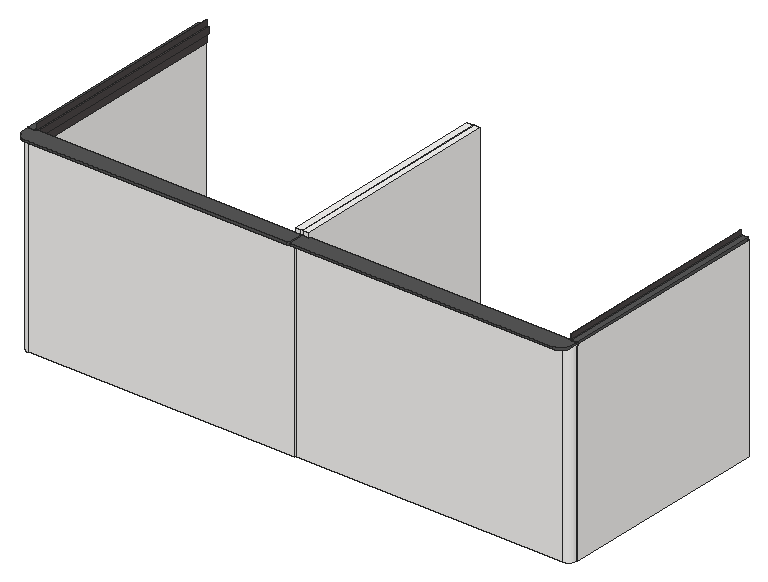
Revit family "vanity unit with 2 drawers for consoles with countertop basin ground", category Furniture, Revit 2019 (continued)
Definition of nested family "vanity unit 1560_550 with 2 drawers for consoles with countertop basin ground-54072000-natural oak-chrome-400_content"
  Forms (mm)
    Extrusion 4, solid, visible <- "ContentVisible", detail levels medium+fine
      sketch origin (0, 0, 0) x (1, 0, 0) y (0, 1, 0)
        loop
          line (0, 0) -> (0, -527)
          arc (0, -527) -> (0.879, -529.121) -> (3, -530) r 3
          line (3, -530) -> (16, -530) -> (16, 0) -> (0, 0)
      from 0 to 496
    Extrusion 5, solid, visible <- "ContentVisible", detail levels medium+fine
      sketch origin (0, 0, 0) x (1, 0, 0) y (0, 1, 0)
        loop
          line (16, -499.5) -> (764, -499.5) -> (764, -133) -> (16, -133) -> (16, -499.5)
      from 0 to 16
    Extrusion 6, solid, visible <- "ContentVisible", detail levels medium+fine
      sketch origin (0, 0, 0) x (1, 0, 0) y (0, 1, 0)
        loop
          line (764, 0) -> (764, -530) -> (777, -530)
          arc (777, -530) -> (779.121, -529.121) -> (780, -527) r 3
          line (780, -527) -> (780, 0) -> (764, 0)
      from 0 to 480
    Extrusion 7, solid, visible <- "ContentVisible", detail levels medium+fine
      sketch origin (0, 0, 0) x (1, 0, 0) y (0, 1, 0)
        loop
          line (-764, -117) -> (-764, -133) -> (764, -133) -> (764, -117) -> (-764, -117)
      from 0 to 126
    Extrusion 8, solid, visible <- "ContentVisible", detail levels medium+fine
      sketch origin (0, 0, 2) x (1, 0, 0) y (0, 1, 0)
        loop
          arc (-780, -532) -> (-774.435, -545.435) -> (-761, -551) r 19
          line (-761, -551) -> (-2.5, -551)
          arc (-2.5, -551) -> (-1.793, -550.707) -> (-1.5, -550) r 1
          line (-1.5, -550) -> (-1.5, -530) -> (-780, -530) -> (-780, -532)
      from 0 to 478
    Extrusion 9, solid, visible <- "ContentVisible", detail levels medium+fine
      sketch origin (0, 0, 2) x (1, 0, 0) y (0, 1, 0)
        loop
          arc (1.5, -550) -> (1.793, -550.707) -> (2.5, -551) r 1
          line (2.5, -551) -> (761, -551)
          arc (761, -551) -> (774.435, -545.435) -> (780, -532) r 19
          line (780, -532) -> (780, -530) -> (1.5, -530) -> (1.5, -550)
      from 0 to 478
    Extrusion 10, solid, visible <- "ContentVisible", detail levels medium+fine
      sketch origin (0, 0, 480) x (1, 0, 0) y (0, 1, 0)
        loop
          line (-778.5, -530) -> (-778.5, -546)
          arc (-778.5, -546) -> (-771.178, -563.678) -> (-753.5, -571) r 25
          line (-753.5, -571) -> (-4.5, -571)
          arc (-4.5, -571) -> (-2.379, -570.121) -> (-1.5, -568) r 3
          line (-1.5, -568) -> (-1.5, -528.5) -> (-758.5, -528.5) -> (-758.5, -530) -> (-778.5, -530)
      from 0 to 5
    Extrusion 11, solid, visible <- "ContentVisible", detail levels medium+fine
      sketch origin (0, 0, 480) x (1, 0, 0) y (0, 1, 0)
        loop
          arc (1.5, -568) -> (2.379, -570.121) -> (4.5, -571) r 3
          line (4.5, -571) -> (753.5, -571)
          arc (753.5, -571) -> (771.178, -563.678) -> (778.5, -546) r 25
          line (778.5, -546) -> (778.5, -530) -> (758.5, -530) -> (758.5, -528.5) -> (1.5, -528.5) -> (1.5, -568)
      from 0 to 5
    Extrusion 12, solid, visible <- "ContentVisible", detail levels medium+fine
      sketch origin (-1.5, 0, 0) x (0, 0, -1) y (0, 1, 0)
        loop
          line (-480, -528.5) -> (-480, -530) -> (-450, -530) -> (-450, -528.5) -> (-480, -528.5)
      from -764 to 0
    Extrusion 13, solid, visible <- "ContentVisible", detail levels medium+fine
      sketch origin (1.5, 0, 0) x (0, 0, -1) y (0, 1, 0)
        loop
          line (-480, -528.5) -> (-480, -530) -> (-450, -530) -> (-450, -528.5) -> (-480, -528.5)
      from 0 to 764
    Extrusion 14, solid, visible <- "ContentVisible", detail levels medium+fine
      sketch origin (0, 0, 0) x (1, 0, 0) y (0, 0, -1)
        loop
          line (-764, -447) -> (-764, -485) -> (-762.5, -485) -> (-762.5, -447) -> (-764, -447)
      from -528.5 to 0
    Extrusion 15, solid, visible <- "ContentVisible", detail levels medium+fine
      sketch origin (0, 0, 0) x (1, 0, 0) y (0, 0, -1)
        loop
          line (762.5, -446.8) -> (762.5, -485) -> (764, -485) -> (764, -446.8) -> (762.5, -446.8)
      from -528.5 to 0
    Extrusion 16, solid, visible <- "ContentVisible", detail levels medium+fine
      sketch origin (0, 0, 480) x (1, 0, 0) y (0, 1, 0)
        loop
          line (-780, -3) -> (-780, -527)
          arc (-780, -527) -> (-779.121, -529.121) -> (-777, -530) r 3
          line (-777, -530) -> (-764, -530) -> (-764, 0) -> (-777, 0)
          arc (-777, 0) -> (-779.121, -0.879) -> (-780, -3) r 3
      from 0 to 5
    Extrusion 17, solid, visible <- "ContentVisible", detail levels medium+fine
      sketch origin (0, 0, 480) x (1, 0, 0) y (0, 1, 0)
        loop
          line (764, 0) -> (764, -530) -> (777, -530)
          arc (777, -530) -> (779.121, -529.121) -> (780, -527) r 3
          line (780, -527) -> (780, -3)
          arc (780, -3) -> (779.121, -0.879) -> (777, 0) r 3
          line (777, 0) -> (764, 0)
      from 0 to 5
    Extrusion 18, solid, visible <- "ContentVisible", detail levels medium+fine
      sketch origin (0, 0, 0) x (1, 0, 0) y (0, 0, -1)
        loop
          line (-762.5, -447) -> (-762.5, -496) -> (-761, -496) -> (-761, -483) -> (-756.4, -483) -> (-756.4, -468.5) -> (-761, -468.5) -> (-761, -447) -> (-762.5, -447)
      from -525 to 0
    Extrusion 19, solid, visible <- "ContentVisible", detail levels medium+fine
      sketch origin (0, 0, 0) x (1, 0, 0) y (0, 0, -1)
        loop
          line (756.4, -468.5) -> (756.4, -483) -> (761, -483) -> (761, -496) -> (762.5, -496) -> (762.5, -447) -> (761, -447) -> (761, -468.5) -> (756.4, -468.5)
      from -525 to 0
    Extrusion 20, solid, visible <- "ContentVisible", detail levels medium+fine
      sketch origin (0, 0, 0) x (0, 0, -1) y (0, 1, 0)
        loop
          line (-440, -477) -> (-440, -493) -> (-366, -493) -> (-366, -477) -> (-440, -477)
      from -764 to 764
    Extrusion 21, solid, visible <- "ContentVisible", detail levels coarse
      sketch origin (0, -285.5, 0) x (1, 0, 0) y (0, 1, 0)
        loop
          line (-780, -285.5) -> (780, -285.5) -> (780, 285.5) -> (-780, 285.5) -> (-780, -285.5)
      from 0 to 496
  Dimensions and locks
    aligned and locked: level to plane 2
Definition of nested family "vanity unit 1560_550 with 2 drawers for consoles with countertop basin ground-54072670-natural oak-matt_black-200_conten"
  Parameters (values of type "Vanity unit 1560_550 with 2 drawers for consoles with countertop basin ground-54072670-Natural Oak-MATT_BLACK-200_Conten")
    etim7_EC011381 = "EC011381"
    WEIGHT = "49.1"
    UNSPSC = "56 | Furniture and Furnishings"
    UNIFORMATII = "E2010 | Fixed Furnishings"
    UNICLASS_2015_CODE = "40_30_78_05"
    UNICLASS2015 = "Pr_40_30_78_05 | Bathroom furniture"
    SURFACE = "MATT_BLACK"
    REGIONSET = "Worldwide"
    PRODUCTURL = "https://pro.hansgrohe.com/articledetail--54072000"
    PRODUCTGROUP = "vanity unit"
    PRODUCTFAMILY = "Xelu Q"
    PERMALINK = "54072XXX"
    OMNICLASS = "23-21 19 15 33 13 | Residential Bathroom Specialty Casework"
    OBJECTTYPE = "Object (single object)"
    OBERFLAECHE = "Natural Oak"
    NN = "Vanity Unit with 2 Drawers for consoles with countertop basin ground"
    NBSYN = "$BASENUMBER.-$ARTNR.-$OBERFLAECHE.-$SURFACE.-$LODLEVEL."
    NB = "Vanity unit 1560/550 with 2 drawers for consoles with countertop basin ground-54072670-Natural Oak-MATT_BLACK-200"
    NAME = "Xelu Q Vanity unit Natural Oak 1560/550 with 2 drawers for consoles with countertop basin ground"
    Model = "Vanity unit 1560/550 with 2 drawers for consoles with countertop basin ground-54072670-Natural Oak-MATT_BLACK-200"
    Manufacturer = "Hansgrohe"
    MASTERFORMAT = "12 35 30.23 | Bathroom Casework"
    LODLEVEL = "200"
    LINA = "Vanity unit 1560/550 with 2 drawers for consoles with countertop basin ground-54072670-Natural Oak-MATT_BLACK-200"
    L = 1560
    IFC = "Furnishing element"
    GTINCODE = "4059625456590"
    ETIM = "EC011381 | Bathroom furniture set"
    Default Elevation = 1219.2 mm
    DESIGN = "Germany"
    ContentVisible [instance] = yes
    CATALOG = "Hansgrohe"
    BIMOBJECT = "Sanitary: Compound units"
    BASENUMBER = "Vanity unit 1560/550 with 2 drawers for consoles with countertop basin ground"
    ARTNR = "54072670"
  Reference planes
    plane 1 "Center (Front/Back)": y = 0
    plane 2: z = 0
    plane 3 "Center (Left/Right)": x = 0
  Forms (mm)
    Extrusion 1, solid, visible <- "ContentVisible", detail levels medium+fine
      sketch origin (0, 0, 0) x (1, 0, 0) y (0, 1, 0)
        loop
          line (-780, 0) -> (-780, -551) -> (780, -551) -> (780, 0) -> (764, 0) -> (764, -117) -> (-764, -117) -> (-764, 0) -> (-780, 0)
      from 0 to 480
    Extrusion 2, solid, visible <- "ContentVisible", detail levels medium+fine
      sketch origin (0, 0, 480) x (1, 0, 0) y (0, 1, 0)
        loop
          line (-778.5, -528.5) -> (-778.5, -571) -> (778.5, -571) -> (778.5, -528.5) -> (-778.5, -528.5)
      from 0 to 5
    Extrusion 3, solid, visible <- "ContentVisible", detail levels medium+fine
      sketch origin (0, 0, 0) x (1, 0, 0) y (0, 0, -1)
        loop
          line (-764, -447) -> (-764, -485) -> (-762.5, -485) -> (-762.5, -447) -> (-764, -447)
      from -528.5 to 0
    Extrusion 4, solid, visible <- "ContentVisible", detail levels medium+fine
      sketch origin (0, 0, 0) x (1, 0, 0) y (0, 0, -1)
        loop
          line (762.5, -446.8) -> (762.5, -485) -> (764, -485) -> (764, -446.8) -> (762.5, -446.8)
      from -528.5 to 0
    Extrusion 5, solid, visible <- "ContentVisible", detail levels medium+fine
      sketch origin (0, 0, 480) x (1, 0, 0) y (0, 1, 0)
        loop
          line (-780, 0) -> (-780, -530) -> (-764, -530) -> (-764, 0) -> (-780, 0)
      from 0 to 5
    Extrusion 6, solid, visible <- "ContentVisible", detail levels medium+fine
      sketch origin (0, 0, 480) x (1, 0, 0) y (0, 1, 0)
        loop
          line (764, 0) -> (764, -530) -> (780, -530) -> (780, 0) -> (764, 0)
      from 0 to 5
    Extrusion 7, solid, visible <- "ContentVisible", detail levels medium+fine
      sketch origin (0, 0, 0) x (1, 0, 0) y (0, 0, -1)
        loop
          line (-762.5, -447) -> (-762.5, -496) -> (-756.4, -496) -> (-756.4, -447) -> (-762.5, -447)
      from -528.5 to 0
    Extrusion 8, solid, visible <- "ContentVisible", detail levels medium+fine
      sketch origin (0, 0, 0) x (1, 0, 0) y (0, 0, -1)
        loop
          line (756.4, -447) -> (756.4, -496) -> (762.5, -496) -> (762.5, -447) -> (756.4, -447)
      from -528.5 to 0
    Extrusion 9, solid, visible <- "ContentVisible", detail levels coarse
      sketch origin (0, -285.5, 0) x (1, 0, 0) y (0, 1, 0)
        loop
          line (-780, -285.5) -> (780, -285.5) -> (780, 285.5) -> (-780, 285.5) -> (-780, -285.5)
      from 0 to 496
  Dimensions and locks
    aligned and locked: level to plane 2
Definition of nested family "vanity unit 1560_550 with 2 drawers for consoles with countertop basin ground-54072670-natural oak-matt_black-400_conten"
  Parameters (values of type "Vanity unit 1560_550 with 2 drawers for consoles with countertop basin ground-54072670-Natural Oak-MATT_BLACK-400_Conten")
    etim7_EC011381 = "EC011381"
    WEIGHT = "49.1"
    UNSPSC = "56 | Furniture and Furnishings"
    UNIFORMATII = "E2010 | Fixed Furnishings"
    UNICLASS_2015_CODE = "40_30_78_05"
    UNICLASS2015 = "Pr_40_30_78_05 | Bathroom furniture"
    SURFACE = "MATT_BLACK"
    REGIONSET = "Worldwide"
    PRODUCTURL = "https://pro.hansgrohe.com/articledetail--54072000"
    PRODUCTGROUP = "vanity unit"
    PRODUCTFAMILY = "Xelu Q"
    PERMALINK = "54072XXX"
    OMNICLASS = "23-21 19 15 33 13 | Residential Bathroom Specialty Casework"
    OBJECTTYPE = "Object (single object)"
    OBERFLAECHE = "Natural Oak"
    NN = "Vanity Unit with 2 Drawers for consoles with countertop basin ground"
    NBSYN = "$BASENUMBER.-$ARTNR.-$OBERFLAECHE.-$SURFACE.-$LODLEVEL."
    NB = "Vanity unit 1560/550 with 2 drawers for consoles with countertop basin ground-54072670-Natural Oak-MATT_BLACK-400"
    NAME = "Xelu Q Vanity unit Natural Oak 1560/550 with 2 drawers for consoles with countertop basin ground"
    Model = "Vanity unit 1560/550 with 2 drawers for consoles with countertop basin ground-54072670-Natural Oak-MATT_BLACK-400"
    Manufacturer = "Hansgrohe"
    MASTERFORMAT = "12 35 30.23 | Bathroom Casework"
    LODLEVEL = "400"
    LINA = "Vanity unit 1560/550 with 2 drawers for consoles with countertop basin ground-54072670-Natural Oak-MATT_BLACK-400"
    L = 1560
    IFC = "Furnishing element"
    GTINCODE = "4059625456590"
    ETIM = "EC011381 | Bathroom furniture set"
    Default Elevation = 1219.2 mm
    DESIGN = "Germany"
    ContentVisible [instance] = yes
    CATALOG = "Hansgrohe"
    BIMOBJECT = "Sanitary: Compound units"
    BASENUMBER = "Vanity unit 1560/550 with 2 drawers for consoles with countertop basin ground"
    ARTNR = "54072670"
  Reference planes
    plane 1 "Center (Front/Back)": y = 0
    plane 2: z = 0
    plane 3 "Center (Left/Right)": x = 0
  Forms (mm)
    Extrusion 1, solid, visible <- "ContentVisible", detail levels medium+fine
      sketch origin (0, 0, 0) x (1, 0, 0) y (0, 1, 0)
        loop
          line (-780, 0) -> (-780, -527)
          arc (-780, -527) -> (-779.121, -529.121) -> (-777, -530) r 3
          line (-777, -530) -> (-764, -530) -> (-764, 0) -> (-780, 0)
      from 0 to 480
    Extrusion 2, solid, visible <- "ContentVisible", detail levels medium+fine
      sketch origin (0, 0, 0) x (1, 0, 0) y (0, 1, 0)
        loop
          line (-764, -133) -> (-764, -499.5) -> (-16, -499.5) -> (-16, -133) -> (-764, -133)
      from 0 to 16
    Extrusion 3, solid, visible <- "ContentVisible", detail levels medium+fine
      sketch origin (0, 0, 0) x (1, 0, 0) y (0, 1, 0)
        loop
          line (-16, 0) -> (-16, -530) -> (-3, -530)
          arc (-3, -530) -> (-0.879, -529.121) -> (0, -527) r 3
          line (0, -527) -> (0, 0) -> (-16, 0)
      from 0 to 496
    Extrusion 4, solid, visible <- "ContentVisible", detail levels medium+fine
      sketch origin (0, 0, 0) x (1, 0, 0) y (0, 1, 0)
        loop
          line (0, 0) -> (0, -527)
          arc (0, -527) -> (0.879, -529.121) -> (3, -530) r 3
          line (3, -530) -> (16, -530) -> (16, 0) -> (0, 0)
      from 0 to 496
    Extrusion 5, solid, visible <- "ContentVisible", detail levels medium+fine
      sketch origin (0, 0, 0) x (1, 0, 0) y (0, 1, 0)
        loop
          line (16, -499.5) -> (764, -499.5) -> (764, -133) -> (16, -133) -> (16, -499.5)
      from 0 to 16
    Extrusion 6, solid, visible <- "ContentVisible", detail levels medium+fine
      sketch origin (0, 0, 0) x (1, 0, 0) y (0, 1, 0)
        loop
          line (764, 0) -> (764, -530) -> (777, -530)
          arc (777, -530) -> (779.121, -529.121) -> (780, -527) r 3
          line (780, -527) -> (780, 0) -> (764, 0)
      from 0 to 480
    Extrusion 7, solid, visible <- "ContentVisible", detail levels medium+fine
      sketch origin (0, 0, 0) x (1, 0, 0) y (0, 1, 0)
        loop
          line (-764, -117) -> (-764, -133) -> (764, -133) -> (764, -117) -> (-764, -117)
      from 0 to 126
    Extrusion 8, solid, visible <- "ContentVisible", detail levels medium+fine
      sketch origin (0, 0, 2) x (1, 0, 0) y (0, 1, 0)
        loop
          arc (-780, -532) -> (-774.435, -545.435) -> (-761, -551) r 19
          line (-761, -551) -> (-2.5, -551)
          arc (-2.5, -551) -> (-1.793, -550.707) -> (-1.5, -550) r 1
          line (-1.5, -550) -> (-1.5, -530) -> (-780, -530) -> (-780, -532)
      from 0 to 478
    Extrusion 9, solid, visible <- "ContentVisible", detail levels medium+fine
      sketch origin (0, 0, 2) x (1, 0, 0) y (0, 1, 0)
        loop
          arc (1.5, -550) -> (1.793, -550.707) -> (2.5, -551) r 1
          line (2.5, -551) -> (761, -551)
          arc (761, -551) -> (774.435, -545.435) -> (780, -532) r 19
          line (780, -532) -> (780, -530) -> (1.5, -530) -> (1.5, -550)
      from 0 to 478
    Extrusion 10, solid, visible <- "ContentVisible", detail levels medium+fine
      sketch origin (0, 0, 480) x (1, 0, 0) y (0, 1, 0)
        loop
          line (-778.5, -530) -> (-778.5, -546)
          arc (-778.5, -546) -> (-771.178, -563.678) -> (-753.5, -571) r 25
          line (-753.5, -571) -> (-4.5, -571)
          arc (-4.5, -571) -> (-2.379, -570.121) -> (-1.5, -568) r 3
          line (-1.5, -568) -> (-1.5, -528.5) -> (-758.5, -528.5) -> (-758.5, -530) -> (-778.5, -530)
      from 0 to 5
    Extrusion 11, solid, visible <- "ContentVisible", detail levels medium+fine
      sketch origin (0, 0, 480) x (1, 0, 0) y (0, 1, 0)
        loop
          arc (1.5, -568) -> (2.379, -570.121) -> (4.5, -571) r 3
          line (4.5, -571) -> (753.5, -571)
          arc (753.5, -571) -> (771.178, -563.678) -> (778.5, -546) r 25
          line (778.5, -546) -> (778.5, -530) -> (758.5, -530) -> (758.5, -528.5) -> (1.5, -528.5) -> (1.5, -568)
      from 0 to 5
    Extrusion 12, solid, visible <- "ContentVisible", detail levels medium+fine
      sketch origin (-1.5, 0, 0) x (0, 0, -1) y (0, 1, 0)
        loop
          line (-480, -528.5) -> (-480, -530) -> (-450, -530) -> (-450, -528.5) -> (-480, -528.5)
      from -764 to 0
    Extrusion 13, solid, visible <- "ContentVisible", detail levels medium+fine
      sketch origin (1.5, 0, 0) x (0, 0, -1) y (0, 1, 0)
        loop
          line (-480, -528.5) -> (-480, -530) -> (-450, -530) -> (-450, -528.5) -> (-480, -528.5)
      from 0 to 764
    Extrusion 14, solid, visible <- "ContentVisible", detail levels medium+fine
      sketch origin (0, 0, 0) x (1, 0, 0) y (0, 0, -1)
        loop
          line (-764, -447) -> (-764, -485) -> (-762.5, -485) -> (-762.5, -447) -> (-764, -447)
      from -528.5 to 0
    Extrusion 15, solid, visible <- "ContentVisible", detail levels medium+fine
      sketch origin (0, 0, 0) x (1, 0, 0) y (0, 0, -1)
        loop
          line (762.5, -446.8) -> (762.5, -485) -> (764, -485) -> (764, -446.8) -> (762.5, -446.8)
      from -528.5 to 0
    Extrusion 16, solid, visible <- "ContentVisible", detail levels medium+fine
      sketch origin (0, 0, 480) x (1, 0, 0) y (0, 1, 0)
        loop
          line (-780, -3) -> (-780, -527)
          arc (-780, -527) -> (-779.121, -529.121) -> (-777, -530) r 3
          line (-777, -530) -> (-764, -530) -> (-764, 0) -> (-777, 0)
          arc (-777, 0) -> (-779.121, -0.879) -> (-780, -3) r 3
      from 0 to 5
    Extrusion 17, solid, visible <- "ContentVisible", detail levels medium+fine
      sketch origin (0, 0, 480) x (1, 0, 0) y (0, 1, 0)
        loop
          line (764, 0) -> (764, -530) -> (777, -530)
          arc (777, -530) -> (779.121, -529.121) -> (780, -527) r 3
          line (780, -527) -> (780, -3)
          arc (780, -3) -> (779.121, -0.879) -> (777, 0) r 3
          line (777, 0) -> (764, 0)
      from 0 to 5
    Extrusion 18, solid, visible <- "ContentVisible", detail levels medium+fine
      sketch origin (0, 0, 0) x (1, 0, 0) y (0, 0, -1)
        loop
          line (-762.5, -447) -> (-762.5, -496) -> (-761, -496) -> (-761, -483) -> (-756.4, -483) -> (-756.4, -468.5) -> (-761, -468.5) -> (-761, -447) -> (-762.5, -447)
      from -525 to 0
    Extrusion 19, solid, visible <- "ContentVisible", detail levels medium+fine
      sketch origin (0, 0, 0) x (1, 0, 0) y (0, 0, -1)
        loop
          line (756.4, -468.5) -> (756.4, -483) -> (761, -483) -> (761, -496) -> (762.5, -496) -> (762.5, -447) -> (761, -447) -> (761, -468.5) -> (756.4, -468.5)
      from -525 to 0
    Extrusion 20, solid, visible <- "ContentVisible", detail levels medium+fine
      sketch origin (0, 0, 0) x (0, 0, -1) y (0, 1, 0)
        loop
          line (-440, -477) -> (-440, -493) -> (-366, -493) -> (-366, -477) -> (-440, -477)
      from -764 to 764
    Extrusion 21, solid, visible <- "ContentVisible", detail levels coarse
      sketch origin (0, -285.5, 0) x (1, 0, 0) y (0, 1, 0)
        loop
          line (-780, -285.5) -> (780, -285.5) -> (780, 285.5) -> (-780, 285.5) -> (-780, -285.5)
      from 0 to 496
  Dimensions and locks
    aligned and locked: level to plane 2
Definition of nested family "vanity unit 1560_550 with 2 drawers for consoles with countertop basin ground-54072700-natural oak-matt_white-200_conten"
  Parameters (values of type "Vanity unit 1560_550 with 2 drawers for consoles with countertop basin ground-54072700-Natural Oak-MATT_WHITE-200_Conten")
    etim7_EC011381 = "EC011381"
    WEIGHT = "49.1"
    UNSPSC = "56 | Furniture and Furnishings"
    UNIFORMATII = "E2010 | Fixed Furnishings"
    UNICLASS_2015_CODE = "40_30_78_05"
    UNICLASS2015 = "Pr_40_30_78_05 | Bathroom furniture"
    SURFACE = "MATT_WHITE"
    REGIONSET = "Worldwide"
    PRODUCTURL = "https://pro.hansgrohe.com/articledetail--54072000"
    PRODUCTGROUP = "vanity unit"
    PRODUCTFAMILY = "Xelu Q"
    PERMALINK = "54072XXX"
    OMNICLASS = "23-21 19 15 33 13 | Residential Bathroom Specialty Casework"
    OBJECTTYPE = "Object (single object)"
    OBERFLAECHE = "Natural Oak"
    NN = "Vanity Unit with 2 Drawers for consoles with countertop basin ground"
    NBSYN = "$BASENUMBER.-$ARTNR.-$OBERFLAECHE.-$SURFACE.-$LODLEVEL."
    NB = "Vanity unit 1560/550 with 2 drawers for consoles with countertop basin ground-54072700-Natural Oak-MATT_WHITE-200"
    NAME = "Xelu Q Vanity unit Natural Oak 1560/550 with 2 drawers for consoles with countertop basin ground"
    Model = "Vanity unit 1560/550 with 2 drawers for consoles with countertop basin ground-54072700-Natural Oak-MATT_WHITE-200"
    Manufacturer = "Hansgrohe"
    MASTERFORMAT = "12 35 30.23 | Bathroom Casework"
    LODLEVEL = "200"
    LINA = "Vanity unit 1560/550 with 2 drawers for consoles with countertop basin ground-54072700-Natural Oak-MATT_WHITE-200"
    L = 1560
    IFC = "Furnishing element"
    GTINCODE = "4059625456590"
    ETIM = "EC011381 | Bathroom furniture set"
    Default Elevation = 1219.2 mm
    DESIGN = "Germany"
    ContentVisible [instance] = yes
    CATALOG = "Hansgrohe"
    BIMOBJECT = "Sanitary: Compound units"
    BASENUMBER = "Vanity unit 1560/550 with 2 drawers for consoles with countertop basin ground"
    ARTNR = "54072700"
  Reference planes
    plane 1 "Center (Front/Back)": y = 0
    plane 2: z = 0
    plane 3 "Center (Left/Right)": x = 0
  Forms (mm)
    Extrusion 1, solid, visible <- "ContentVisible", detail levels medium+fine
      sketch origin (0, 0, 0) x (1, 0, 0) y (0, 1, 0)
        loop
          line (-780, 0) -> (-780, -551) -> (780, -551) -> (780, 0) -> (764, 0) -> (764, -117) -> (-764, -117) -> (-764, 0) -> (-780, 0)
      from 0 to 480
    Extrusion 2, solid, visible <- "ContentVisible", detail levels medium+fine
      sketch origin (0, 0, 480) x (1, 0, 0) y (0, 1, 0)
        loop
          line (-778.5, -528.5) -> (-778.5, -571) -> (778.5, -571) -> (778.5, -528.5) -> (-778.5, -528.5)
      from 0 to 5
    Extrusion 3, solid, visible <- "ContentVisible", detail levels medium+fine
      sketch origin (0, 0, 0) x (1, 0, 0) y (0, 0, -1)
        loop
          line (-764, -447) -> (-764, -485) -> (-762.5, -485) -> (-762.5, -447) -> (-764, -447)
      from -528.5 to 0
    Extrusion 4, solid, visible <- "ContentVisible", detail levels medium+fine
      sketch origin (0, 0, 0) x (1, 0, 0) y (0, 0, -1)
        loop
          line (762.5, -446.8) -> (762.5, -485) -> (764, -485) -> (764, -446.8) -> (762.5, -446.8)
      from -528.5 to 0
    Extrusion 5, solid, visible <- "ContentVisible", detail levels medium+fine
      sketch origin (0, 0, 480) x (1, 0, 0) y (0, 1, 0)
        loop
          line (-780, 0) -> (-780, -530) -> (-764, -530) -> (-764, 0) -> (-780, 0)
      from 0 to 5
    Extrusion 6, solid, visible <- "ContentVisible", detail levels medium+fine
      sketch origin (0, 0, 480) x (1, 0, 0) y (0, 1, 0)
        loop
          line (764, 0) -> (764, -530) -> (780, -530) -> (780, 0) -> (764, 0)
      from 0 to 5
    Extrusion 7, solid, visible <- "ContentVisible", detail levels medium+fine
      sketch origin (0, 0, 0) x (1, 0, 0) y (0, 0, -1)
        loop
          line (-762.5, -447) -> (-762.5, -496) -> (-756.4, -496) -> (-756.4, -447) -> (-762.5, -447)
      from -528.5 to 0
    Extrusion 8, solid, visible <- "ContentVisible", detail levels medium+fine
      sketch origin (0, 0, 0) x (1, 0, 0) y (0, 0, -1)
        loop
          line (756.4, -447) -> (756.4, -496) -> (762.5, -496) -> (762.5, -447) -> (756.4, -447)
      from -528.5 to 0
    Extrusion 9, solid, visible <- "ContentVisible", detail levels coarse
      sketch origin (0, -285.5, 0) x (1, 0, 0) y (0, 1, 0)
        loop
          line (-780, -285.5) -> (780, -285.5) -> (780, 285.5) -> (-780, 285.5) -> (-780, -285.5)
      from 0 to 496
  Dimensions and locks
    aligned and locked: level to plane 2
Definition of nested family "vanity unit 1560_550 with 2 drawers for consoles with countertop basin ground-54072700-natural oak-matt_white-400_conten"
  Parameters (values of type "Vanity unit 1560_550 with 2 drawers for consoles with countertop basin ground-54072700-Natural Oak-MATT_WHITE-400_Conten")
    etim7_EC011381 = "EC011381"
    WEIGHT = "49.1"
    UNSPSC = "56 | Furniture and Furnishings"
    UNIFORMATII = "E2010 | Fixed Furnishings"
    UNICLASS_2015_CODE = "40_30_78_05"
    UNICLASS2015 = "Pr_40_30_78_05 | Bathroom furniture"
    SURFACE = "MATT_WHITE"
    REGIONSET = "Worldwide"
    PRODUCTURL = "https://pro.hansgrohe.com/articledetail--54072000"
    PRODUCTGROUP = "vanity unit"
    PRODUCTFAMILY = "Xelu Q"
    PERMALINK = "54072XXX"
    OMNICLASS = "23-21 19 15 33 13 | Residential Bathroom Specialty Casework"
    OBJECTTYPE = "Object (single object)"
    OBERFLAECHE = "Natural Oak"
    NN = "Vanity Unit with 2 Drawers for consoles with countertop basin ground"
    NBSYN = "$BASENUMBER.-$ARTNR.-$OBERFLAECHE.-$SURFACE.-$LODLEVEL."
    NB = "Vanity unit 1560/550 with 2 drawers for consoles with countertop basin ground-54072700-Natural Oak-MATT_WHITE-400"
    NAME = "Xelu Q Vanity unit Natural Oak 1560/550 with 2 drawers for consoles with countertop basin ground"
    Model = "Vanity unit 1560/550 with 2 drawers for consoles with countertop basin ground-54072700-Natural Oak-MATT_WHITE-400"
    Manufacturer = "Hansgrohe"
    MASTERFORMAT = "12 35 30.23 | Bathroom Casework"
    LODLEVEL = "400"
    LINA = "Vanity unit 1560/550 with 2 drawers for consoles with countertop basin ground-54072700-Natural Oak-MATT_WHITE-400"
    L = 1560
    IFC = "Furnishing element"
    GTINCODE = "4059625456590"
    ETIM = "EC011381 | Bathroom furniture set"
    Default Elevation = 1219.2 mm
    DESIGN = "Germany"
    ContentVisible [instance] = yes
    CATALOG = "Hansgrohe"
    BIMOBJECT = "Sanitary: Compound units"
    BASENUMBER = "Vanity unit 1560/550 with 2 drawers for consoles with countertop basin ground"
    ARTNR = "54072700"
  Reference planes
    plane 1 "Center (Front/Back)": y = 0
    plane 2: z = 0
    plane 3 "Center (Left/Right)": x = 0
  Forms (mm)
    Extrusion 1, solid, visible <- "ContentVisible", detail levels medium+fine
      sketch origin (0, 0, 0) x (1, 0, 0) y (0, 1, 0)
        loop
          line (-780, 0) -> (-780, -527)
          arc (-780, -527) -> (-779.121, -529.121) -> (-777, -530) r 3
          line (-777, -530) -> (-764, -530) -> (-764, 0) -> (-780, 0)
      from 0 to 480
    Extrusion 2, solid, visible <- "ContentVisible", detail levels medium+fine
      sketch origin (0, 0, 0) x (1, 0, 0) y (0, 1, 0)
        loop
          line (-764, -133) -> (-764, -499.5) -> (-16, -499.5) -> (-16, -133) -> (-764, -133)
      from 0 to 16
    Extrusion 3, solid, visible <- "ContentVisible", detail levels medium+fine
      sketch origin (0, 0, 0) x (1, 0, 0) y (0, 1, 0)
        loop
          line (-16, 0) -> (-16, -530) -> (-3, -530)
          arc (-3, -530) -> (-0.879, -529.121) -> (0, -527) r 3
          line (0, -527) -> (0, 0) -> (-16, 0)
      from 0 to 496
    Extrusion 4, solid, visible <- "ContentVisible", detail levels medium+fine
      sketch origin (0, 0, 0) x (1, 0, 0) y (0, 1, 0)
        loop
          line (0, 0) -> (0, -527)
          arc (0, -527) -> (0.879, -529.121) -> (3, -530) r 3
          line (3, -530) -> (16, -530) -> (16, 0) -> (0, 0)
      from 0 to 496
    Extrusion 5, solid, visible <- "ContentVisible", detail levels medium+fine
      sketch origin (0, 0, 0) x (1, 0, 0) y (0, 1, 0)
        loop
          line (16, -499.5) -> (764, -499.5) -> (764, -133) -> (16, -133) -> (16, -499.5)
      from 0 to 16
    Extrusion 6, solid, visible <- "ContentVisible", detail levels medium+fine
      sketch origin (0, 0, 0) x (1, 0, 0) y (0, 1, 0)
        loop
          line (764, 0) -> (764, -530) -> (777, -530)
          arc (777, -530) -> (779.121, -529.121) -> (780, -527) r 3
          line (780, -527) -> (780, 0) -> (764, 0)
      from 0 to 480
    Extrusion 7, solid, visible <- "ContentVisible", detail levels medium+fine
      sketch origin (0, 0, 0) x (1, 0, 0) y (0, 1, 0)
        loop
          line (-764, -117) -> (-764, -133) -> (764, -133) -> (764, -117) -> (-764, -117)
      from 0 to 126
    Extrusion 8, solid, visible <- "ContentVisible", detail levels medium+fine
      sketch origin (0, 0, 2) x (1, 0, 0) y (0, 1, 0)
        loop
          arc (-780, -532) -> (-774.435, -545.435) -> (-761, -551) r 19
          line (-761, -551) -> (-2.5, -551)
          arc (-2.5, -551) -> (-1.793, -550.707) -> (-1.5, -550) r 1
          line (-1.5, -550) -> (-1.5, -530) -> (-780, -530) -> (-780, -532)
      from 0 to 478
    Extrusion 9, solid, visible <- "ContentVisible", detail levels medium+fine
      sketch origin (0, 0, 2) x (1, 0, 0) y (0, 1, 0)
        loop
          arc (1.5, -550) -> (1.793, -550.707) -> (2.5, -551) r 1
          line (2.5, -551) -> (761, -551)
          arc (761, -551) -> (774.435, -545.435) -> (780, -532) r 19
          line (780, -532) -> (780, -530) -> (1.5, -530) -> (1.5, -550)
      from 0 to 478
    Extrusion 10, solid, visible <- "ContentVisible", detail levels medium+fine
      sketch origin (0, 0, 480) x (1, 0, 0) y (0, 1, 0)
        loop
          line (-778.5, -530) -> (-778.5, -546)
          arc (-778.5, -546) -> (-771.178, -563.678) -> (-753.5, -571) r 25
          line (-753.5, -571) -> (-4.5, -571)
          arc (-4.5, -571) -> (-2.379, -570.121) -> (-1.5, -568) r 3
          line (-1.5, -568) -> (-1.5, -528.5) -> (-758.5, -528.5) -> (-758.5, -530) -> (-778.5, -530)
      from 0 to 5
    Extrusion 11, solid, visible <- "ContentVisible", detail levels medium+fine
      sketch origin (0, 0, 480) x (1, 0, 0) y (0, 1, 0)
        loop
          arc (1.5, -568) -> (2.379, -570.121) -> (4.5, -571) r 3
          line (4.5, -571) -> (753.5, -571)
          arc (753.5, -571) -> (771.178, -563.678) -> (778.5, -546) r 25
          line (778.5, -546) -> (778.5, -530) -> (758.5, -530) -> (758.5, -528.5) -> (1.5, -528.5) -> (1.5, -568)
      from 0 to 5
    Extrusion 12, solid, visible <- "ContentVisible", detail levels medium+fine
      sketch origin (-1.5, 0, 0) x (0, 0, -1) y (0, 1, 0)
        loop
          line (-480, -528.5) -> (-480, -530) -> (-450, -530) -> (-450, -528.5) -> (-480, -528.5)
      from -764 to 0
    Extrusion 13, solid, visible <- "ContentVisible", detail levels medium+fine
      sketch origin (1.5, 0, 0) x (0, 0, -1) y (0, 1, 0)
        loop
          line (-480, -528.5) -> (-480, -530) -> (-450, -530) -> (-450, -528.5) -> (-480, -528.5)
      from 0 to 764
    Extrusion 14, solid, visible <- "ContentVisible", detail levels medium+fine
      sketch origin (0, 0, 0) x (1, 0, 0) y (0, 0, -1)
        loop
          line (-764, -447) -> (-764, -485) -> (-762.5, -485) -> (-762.5, -447) -> (-764, -447)
      from -528.5 to 0
    Extrusion 15, solid, visible <- "ContentVisible", detail levels medium+fine
      sketch origin (0, 0, 0) x (1, 0, 0) y (0, 0, -1)
        loop
          line (762.5, -446.8) -> (762.5, -485) -> (764, -485) -> (764, -446.8) -> (762.5, -446.8)
      from -528.5 to 0
    Extrusion 16, solid, visible <- "ContentVisible", detail levels medium+fine
      sketch origin (0, 0, 480) x (1, 0, 0) y (0, 1, 0)
        loop
          line (-780, -3) -> (-780, -527)
          arc (-780, -527) -> (-779.121, -529.121) -> (-777, -530) r 3
          line (-777, -530) -> (-764, -530) -> (-764, 0) -> (-777, 0)
          arc (-777, 0) -> (-779.121, -0.879) -> (-780, -3) r 3
      from 0 to 5
    Extrusion 17, solid, visible <- "ContentVisible", detail levels medium+fine
      sketch origin (0, 0, 480) x (1, 0, 0) y (0, 1, 0)
        loop
          line (764, 0) -> (764, -530) -> (777, -530)
          arc (777, -530) -> (779.121, -529.121) -> (780, -527) r 3
          line (780, -527) -> (780, -3)
          arc (780, -3) -> (779.121, -0.879) -> (777, 0) r 3
          line (777, 0) -> (764, 0)
      from 0 to 5
    Extrusion 18, solid, visible <- "ContentVisible", detail levels medium+fine
      sketch origin (0, 0, 0) x (1, 0, 0) y (0, 0, -1)
        loop
          line (-762.5, -447) -> (-762.5, -496) -> (-761, -496) -> (-761, -483) -> (-756.4, -483) -> (-756.4, -468.5) -> (-761, -468.5) -> (-761, -447) -> (-762.5, -447)
      from -525 to 0
    Extrusion 19, solid, visible <- "ContentVisible", detail levels medium+fine
      sketch origin (0, 0, 0) x (1, 0, 0) y (0, 0, -1)
        loop
          line (756.4, -468.5) -> (756.4, -483) -> (761, -483) -> (761, -496) -> (762.5, -496) -> (762.5, -447) -> (761, -447) -> (761, -468.5) -> (756.4, -468.5)
      from -525 to 0
    Extrusion 20, solid, visible <- "ContentVisible", detail levels medium+fine
      sketch origin (0, 0, 0) x (0, 0, -1) y (0, 1, 0)
        loop
          line (-440, -477) -> (-440, -493) -> (-366, -493) -> (-366, -477) -> (-440, -477)
      from -764 to 764
    Extrusion 21, solid, visible <- "ContentVisible", detail levels coarse
      sketch origin (0, -285.5, 0) x (1, 0, 0) y (0, 1, 0)
        loop
          line (-780, -285.5) -> (780, -285.5) -> (780, 285.5) -> (-780, 285.5) -> (-780, -285.5)
      from 0 to 496
  Dimensions and locks
    aligned and locked: level to plane 2
Definition of nested family "vanity unit 1560_550 with 2 drawers for consoles with countertop basin ground-54073000-dark walnut-chrome-200_content"
  Parameters (values of type "Vanity unit 1560_550 with 2 drawers for consoles with countertop basin ground-54073000-Dark Walnut-CHROME-200_Content")
    etim7_EC011381 = "EC011381"
    WEIGHT = "49.1"
    UNSPSC = "56 | Furniture and Furnishings"
    UNIFORMATII = "E2010 | Fixed Furnishings"
    UNICLASS_2015_CODE = "40_30_78_05"
    UNICLASS2015 = "Pr_40_30_78_05 | Bathroom furniture"
    SURFACE = "CHROME"
    REGIONSET = "Worldwide"
    PRODUCTURL = "https://pro.hansgrohe.com/articledetail--54073000"
    PRODUCTGROUP = "vanity unit"
    PRODUCTFAMILY = "Xelu Q"
    PERMALINK = "54073XXX"
    OMNICLASS = "23-21 19 15 33 13 | Residential Bathroom Specialty Casework"
    OBJECTTYPE = "Object (single object)"
    OBERFLAECHE = "Dark Walnut"
    NN = "Vanity Unit with 2 Drawers for consoles with countertop basin ground"
    NBSYN = "$BASENUMBER.-$ARTNR.-$OBERFLAECHE.-$SURFACE.-$LODLEVEL."
    NB = "Vanity unit 1560/550 with 2 drawers for consoles with countertop basin ground-54073000-Dark Walnut-CHROME-200"
    NAME = "Xelu Q Vanity unit Dark Walnut 1560/550 with 2 drawers for consoles with countertop basin ground"
    Model = "Vanity unit 1560/550 with 2 drawers for consoles with countertop basin ground-54073000-Dark Walnut-CHROME-200"
    Manufacturer = "Hansgrohe"
    MASTERFORMAT = "12 35 30.23 | Bathroom Casework"
    LODLEVEL = "200"
    LINA = "Vanity unit 1560/550 with 2 drawers for consoles with countertop basin ground-54073000-Dark Walnut-CHROME-200"
    L = 1560
    IFC = "Furnishing element"
    GTINCODE = "4059625456569"
    ETIM = "EC011381 | Bathroom furniture set"
    Default Elevation = 1219.2 mm
    DESIGN = "Germany"
    ContentVisible [instance] = yes
    CATALOG = "Hansgrohe"
    BIMOBJECT = "Sanitary: Compound units"
    BASENUMBER = "Vanity unit 1560/550 with 2 drawers for consoles with countertop basin ground"
    ARTNR = "54073000"
  Reference planes
    plane 1 "Center (Front/Back)": y = 0
    plane 2: z = 0
    plane 3 "Center (Left/Right)": x = 0
  Forms (mm)
    Extrusion 1, solid, visible <- "ContentVisible", detail levels medium+fine
      sketch origin (0, 0, 0) x (1, 0, 0) y (0, 1, 0)
        loop
          line (-780, 0) -> (-780, -551) -> (780, -551) -> (780, 0) -> (764, 0) -> (764, -117) -> (-764, -117) -> (-764, 0) -> (-780, 0)
      from 0 to 480
    Extrusion 2, solid, visible <- "ContentVisible", detail levels medium+fine
      sketch origin (0, 0, 480) x (1, 0, 0) y (0, 1, 0)
        loop
          line (-778.5, -528.5) -> (-778.5, -571) -> (778.5, -571) -> (778.5, -528.5) -> (-778.5, -528.5)
      from 0 to 5
    Extrusion 3, solid, visible <- "ContentVisible", detail levels medium+fine
      sketch origin (0, 0, 0) x (1, 0, 0) y (0, 0, -1)
        loop
          line (-764, -447) -> (-764, -485) -> (-762.5, -485) -> (-762.5, -447) -> (-764, -447)
      from -528.5 to 0
    Extrusion 4, solid, visible <- "ContentVisible", detail levels medium+fine
      sketch origin (0, 0, 0) x (1, 0, 0) y (0, 0, -1)
        loop
          line (762.5, -446.8) -> (762.5, -485) -> (764, -485) -> (764, -446.8) -> (762.5, -446.8)
      from -528.5 to 0
    Extrusion 5, solid, visible <- "ContentVisible", detail levels medium+fine
      sketch origin (0, 0, 480) x (1, 0, 0) y (0, 1, 0)
        loop
          line (-780, 0) -> (-780, -530) -> (-764, -530) -> (-764, 0) -> (-780, 0)
      from 0 to 5
    Extrusion 6, solid, visible <- "ContentVisible", detail levels medium+fine
      sketch origin (0, 0, 480) x (1, 0, 0) y (0, 1, 0)
        loop
          line (764, 0) -> (764, -530) -> (780, -530) -> (780, 0) -> (764, 0)
      from 0 to 5
    Extrusion 7, solid, visible <- "ContentVisible", detail levels medium+fine
      sketch origin (0, 0, 0) x (1, 0, 0) y (0, 0, -1)
        loop
          line (-762.5, -447) -> (-762.5, -496) -> (-756.4, -496) -> (-756.4, -447) -> (-762.5, -447)
      from -528.5 to 0
    Extrusion 8, solid, visible <- "ContentVisible", detail levels medium+fine
      sketch origin (0, 0, 0) x (1, 0, 0) y (0, 0, -1)
        loop
          line (756.4, -447) -> (756.4, -496) -> (762.5, -496) -> (762.5, -447) -> (756.4, -447)
      from -528.5 to 0
    Extrusion 9, solid, visible <- "ContentVisible", detail levels coarse
      sketch origin (0, -285.5, 0) x (1, 0, 0) y (0, 1, 0)
        loop
          line (-780, -285.5) -> (780, -285.5) -> (780, 285.5) -> (-780, 285.5) -> (-780, -285.5)
      from 0 to 496
  Dimensions and locks
    aligned and locked: level to plane 2
Definition of nested family "vanity unit 1560_550 with 2 drawers for consoles with countertop basin ground-54073000-dark walnut-chrome-400_content"
  Parameters (values of type "Vanity unit 1560_550 with 2 drawers for consoles with countertop basin ground-54073000-Dark Walnut-CHROME-400_Content")
    etim7_EC011381 = "EC011381"
    WEIGHT = "49.1"
    UNSPSC = "56 | Furniture and Furnishings"
    UNIFORMATII = "E2010 | Fixed Furnishings"
    UNICLASS_2015_CODE = "40_30_78_05"
    UNICLASS2015 = "Pr_40_30_78_05 | Bathroom furniture"
    SURFACE = "CHROME"
    REGIONSET = "Worldwide"
    PRODUCTURL = "https://pro.hansgrohe.com/articledetail--54073000"
    PRODUCTGROUP = "vanity unit"
    PRODUCTFAMILY = "Xelu Q"
    PERMALINK = "54073XXX"
    OMNICLASS = "23-21 19 15 33 13 | Residential Bathroom Specialty Casework"
    OBJECTTYPE = "Object (single object)"
    OBERFLAECHE = "Dark Walnut"
    NN = "Vanity Unit with 2 Drawers for consoles with countertop basin ground"
    NBSYN = "$BASENUMBER.-$ARTNR.-$OBERFLAECHE.-$SURFACE.-$LODLEVEL."
    NB = "Vanity unit 1560/550 with 2 drawers for consoles with countertop basin ground-54073000-Dark Walnut-CHROME-400"
    NAME = "Xelu Q Vanity unit Dark Walnut 1560/550 with 2 drawers for consoles with countertop basin ground"
    Model = "Vanity unit 1560/550 with 2 drawers for consoles with countertop basin ground-54073000-Dark Walnut-CHROME-400"
    Manufacturer = "Hansgrohe"
    MASTERFORMAT = "12 35 30.23 | Bathroom Casework"
    LODLEVEL = "400"
    LINA = "Vanity unit 1560/550 with 2 drawers for consoles with countertop basin ground-54073000-Dark Walnut-CHROME-400"
    L = 1560
    IFC = "Furnishing element"
    GTINCODE = "4059625456569"
    ETIM = "EC011381 | Bathroom furniture set"
    Default Elevation = 1219.2 mm
    DESIGN = "Germany"
    ContentVisible [instance] = yes
    CATALOG = "Hansgrohe"
    BIMOBJECT = "Sanitary: Compound units"
    BASENUMBER = "Vanity unit 1560/550 with 2 drawers for consoles with countertop basin ground"
    ARTNR = "54073000"
  Reference planes
    plane 1 "Center (Front/Back)": y = 0
    plane 2: z = 0
    plane 3 "Center (Left/Right)": x = 0
  Forms (mm)
    Extrusion 1, solid, visible <- "ContentVisible", detail levels medium+fine
      sketch origin (0, 0, 0) x (1, 0, 0) y (0, 1, 0)
        loop
          line (-780, 0) -> (-780, -527)
          arc (-780, -527) -> (-779.121, -529.121) -> (-777, -530) r 3
          line (-777, -530) -> (-764, -530) -> (-764, 0) -> (-780, 0)
      from 0 to 480
    Extrusion 2, solid, visible <- "ContentVisible", detail levels medium+fine
      sketch origin (0, 0, 0) x (1, 0, 0) y (0, 1, 0)
        loop
          line (-764, -133) -> (-764, -499.5) -> (-16, -499.5) -> (-16, -133) -> (-764, -133)
      from 0 to 16
    Extrusion 3, solid, visible <- "ContentVisible", detail levels medium+fine
      sketch origin (0, 0, 0) x (1, 0, 0) y (0, 1, 0)
        loop
          line (-16, 0) -> (-16, -530) -> (-3, -530)
          arc (-3, -530) -> (-0.879, -529.121) -> (0, -527) r 3
          line (0, -527) -> (0, 0) -> (-16, 0)
      from 0 to 496
    Extrusion 4, solid, visible <- "ContentVisible", detail levels medium+fine
      sketch origin (0, 0, 0) x (1, 0, 0) y (0, 1, 0)
        loop
          line (0, 0) -> (0, -527)
          arc (0, -527) -> (0.879, -529.121) -> (3, -530) r 3
          line (3, -530) -> (16, -530) -> (16, 0) -> (0, 0)
      from 0 to 496
    Extrusion 5, solid, visible <- "ContentVisible", detail levels medium+fine
      sketch origin (0, 0, 0) x (1, 0, 0) y (0, 1, 0)
        loop
          line (16, -499.5) -> (764, -499.5) -> (764, -133) -> (16, -133) -> (16, -499.5)
      from 0 to 16
    Extrusion 6, solid, visible <- "ContentVisible", detail levels medium+fine
      sketch origin (0, 0, 0) x (1, 0, 0) y (0, 1, 0)
        loop
          line (764, 0) -> (764, -530) -> (777, -530)
          arc (777, -530) -> (779.121, -529.121) -> (780, -527) r 3
          line (780, -527) -> (780, 0) -> (764, 0)
      from 0 to 480
    Extrusion 7, solid, visible <- "ContentVisible", detail levels medium+fine
      sketch origin (0, 0, 0) x (1, 0, 0) y (0, 1, 0)
        loop
          line (-764, -117) -> (-764, -133) -> (764, -133) -> (764, -117) -> (-764, -117)
      from 0 to 126
    Extrusion 8, solid, visible <- "ContentVisible", detail levels medium+fine
      sketch origin (0, 0, 2) x (1, 0, 0) y (0, 1, 0)
        loop
          arc (-780, -532) -> (-774.435, -545.435) -> (-761, -551) r 19
          line (-761, -551) -> (-2.5, -551)
          arc (-2.5, -551) -> (-1.793, -550.707) -> (-1.5, -550) r 1
          line (-1.5, -550) -> (-1.5, -530) -> (-780, -530) -> (-780, -532)
      from 0 to 478
    Extrusion 9, solid, visible <- "ContentVisible", detail levels medium+fine
      sketch origin (0, 0, 2) x (1, 0, 0) y (0, 1, 0)
        loop
          arc (1.5, -550) -> (1.793, -550.707) -> (2.5, -551) r 1
          line (2.5, -551) -> (761, -551)
          arc (761, -551) -> (774.435, -545.435) -> (780, -532) r 19
          line (780, -532) -> (780, -530) -> (1.5, -530) -> (1.5, -550)
      from 0 to 478
    Extrusion 10, solid, visible <- "ContentVisible", detail levels medium+fine
      sketch origin (0, 0, 480) x (1, 0, 0) y (0, 1, 0)
        loop
          line (-778.5, -530) -> (-778.5, -546)
          arc (-778.5, -546) -> (-771.178, -563.678) -> (-753.5, -571) r 25
          line (-753.5, -571) -> (-4.5, -571)
          arc (-4.5, -571) -> (-2.379, -570.121) -> (-1.5, -568) r 3
          line (-1.5, -568) -> (-1.5, -528.5) -> (-758.5, -528.5) -> (-758.5, -530) -> (-778.5, -530)
      from 0 to 5
    Extrusion 11, solid, visible <- "ContentVisible", detail levels medium+fine
      sketch origin (0, 0, 480) x (1, 0, 0) y (0, 1, 0)
        loop
          arc (1.5, -568) -> (2.379, -570.121) -> (4.5, -571) r 3
          line (4.5, -571) -> (753.5, -571)
          arc (753.5, -571) -> (771.178, -563.678) -> (778.5, -546) r 25
          line (778.5, -546) -> (778.5, -530) -> (758.5, -530) -> (758.5, -528.5) -> (1.5, -528.5) -> (1.5, -568)
      from 0 to 5
    Extrusion 12, solid, visible <- "ContentVisible", detail levels medium+fine
      sketch origin (-1.5, 0, 0) x (0, 0, -1) y (0, 1, 0)
        loop
          line (-480, -528.5) -> (-480, -530) -> (-450, -530) -> (-450, -528.5) -> (-480, -528.5)
      from -764 to 0
    Extrusion 13, solid, visible <- "ContentVisible", detail levels medium+fine
      sketch origin (1.5, 0, 0) x (0, 0, -1) y (0, 1, 0)
        loop
          line (-480, -528.5) -> (-480, -530) -> (-450, -530) -> (-450, -528.5) -> (-480, -528.5)
      from 0 to 764
    Extrusion 14, solid, visible <- "ContentVisible", detail levels medium+fine
      sketch origin (0, 0, 0) x (1, 0, 0) y (0, 0, -1)
        loop
          line (-764, -447) -> (-764, -485) -> (-762.5, -485) -> (-762.5, -447) -> (-764, -447)
      from -528.5 to 0
    Extrusion 15, solid, visible <- "ContentVisible", detail levels medium+fine
      sketch origin (0, 0, 0) x (1, 0, 0) y (0, 0, -1)
        loop
          line (762.5, -446.8) -> (762.5, -485) -> (764, -485) -> (764, -446.8) -> (762.5, -446.8)
      from -528.5 to 0
    Extrusion 16, solid, visible <- "ContentVisible", detail levels medium+fine
      sketch origin (0, 0, 480) x (1, 0, 0) y (0, 1, 0)
        loop
          line (-780, -3) -> (-780, -527)
          arc (-780, -527) -> (-779.121, -529.121) -> (-777, -530) r 3
          line (-777, -530) -> (-764, -530) -> (-764, 0) -> (-777, 0)
          arc (-777, 0) -> (-779.121, -0.879) -> (-780, -3) r 3
      from 0 to 5
    Extrusion 17, solid, visible <- "ContentVisible", detail levels medium+fine
      sketch origin (0, 0, 480) x (1, 0, 0) y (0, 1, 0)
        loop
          line (764, 0) -> (764, -530) -> (777, -530)
          arc (777, -530) -> (779.121, -529.121) -> (780, -527) r 3
          line (780, -527) -> (780, -3)
          arc (780, -3) -> (779.121, -0.879) -> (777, 0) r 3
          line (777, 0) -> (764, 0)
      from 0 to 5
    Extrusion 18, solid, visible <- "ContentVisible", detail levels medium+fine
      sketch origin (0, 0, 0) x (1, 0, 0) y (0, 0, -1)
        loop
          line (-762.5, -447) -> (-762.5, -496) -> (-761, -496) -> (-761, -483) -> (-756.4, -483) -> (-756.4, -468.5) -> (-761, -468.5) -> (-761, -447) -> (-762.5, -447)
      from -525 to 0
    Extrusion 19, solid, visible <- "ContentVisible", detail levels medium+fine
      sketch origin (0, 0, 0) x (1, 0, 0) y (0, 0, -1)
        loop
          line (756.4, -468.5) -> (756.4, -483) -> (761, -483) -> (761, -496) -> (762.5, -496) -> (762.5, -447) -> (761, -447) -> (761, -468.5) -> (756.4, -468.5)
      from -525 to 0
    Extrusion 20, solid, visible <- "ContentVisible", detail levels medium+fine
      sketch origin (0, 0, 0) x (0, 0, -1) y (0, 1, 0)
        loop
          line (-440, -477) -> (-440, -493) -> (-366, -493) -> (-366, -477) -> (-440, -477)
      from -764 to 764
    Extrusion 21, solid, visible <- "ContentVisible", detail levels coarse
      sketch origin (0, -285.5, 0) x (1, 0, 0) y (0, 1, 0)
        loop
          line (-780, -285.5) -> (780, -285.5) -> (780, 285.5) -> (-780, 285.5) -> (-780, -285.5)
      from 0 to 496
  Dimensions and locks
    aligned and locked: level to plane 2
Definition of nested family "vanity unit 1560_550 with 2 drawers for consoles with countertop basin ground-54073670-dark walnut-matt_black-200_conten"
  Parameters (values of type "Vanity unit 1560_550 with 2 drawers for consoles with countertop basin ground-54073670-Dark Walnut-MATT_BLACK-200_Conten")
    etim7_EC011381 = "EC011381"
    WEIGHT = "49.1"
    UNSPSC = "56 | Furniture and Furnishings"
    UNIFORMATII = "E2010 | Fixed Furnishings"
    UNICLASS_2015_CODE = "40_30_78_05"
    UNICLASS2015 = "Pr_40_30_78_05 | Bathroom furniture"
    SURFACE = "MATT_BLACK"
    REGIONSET = "Worldwide"
    PRODUCTURL = "https://pro.hansgrohe.com/articledetail--54073000"
    PRODUCTGROUP = "vanity unit"
    PRODUCTFAMILY = "Xelu Q"
    PERMALINK = "54073XXX"
    OMNICLASS = "23-21 19 15 33 13 | Residential Bathroom Specialty Casework"
    OBJECTTYPE = "Object (single object)"
    OBERFLAECHE = "Dark Walnut"
    NN = "Vanity Unit with 2 Drawers for consoles with countertop basin ground"
    NBSYN = "$BASENUMBER.-$ARTNR.-$OBERFLAECHE.-$SURFACE.-$LODLEVEL."
    NB = "Vanity unit 1560/550 with 2 drawers for consoles with countertop basin ground-54073670-Dark Walnut-MATT_BLACK-200"
    NAME = "Xelu Q Vanity unit Dark Walnut 1560/550 with 2 drawers for consoles with countertop basin ground"
    Model = "Vanity unit 1560/550 with 2 drawers for consoles with countertop basin ground-54073670-Dark Walnut-MATT_BLACK-200"
    Manufacturer = "Hansgrohe"
    MASTERFORMAT = "12 35 30.23 | Bathroom Casework"
    LODLEVEL = "200"
    LINA = "Vanity unit 1560/550 with 2 drawers for consoles with countertop basin ground-54073670-Dark Walnut-MATT_BLACK-200"
    L = 1560
    IFC = "Furnishing element"
    GTINCODE = "4059625456569"
    ETIM = "EC011381 | Bathroom furniture set"
    Default Elevation = 1219.2 mm
    DESIGN = "Germany"
    ContentVisible [instance] = yes
    CATALOG = "Hansgrohe"
    BIMOBJECT = "Sanitary: Compound units"
    BASENUMBER = "Vanity unit 1560/550 with 2 drawers for consoles with countertop basin ground"
    ARTNR = "54073670"
  Reference planes
    plane 1 "Center (Front/Back)": y = 0
    plane 2: z = 0
    plane 3 "Center (Left/Right)": x = 0
  Forms (mm)
    Extrusion 1, solid, visible <- "ContentVisible", detail levels medium+fine
      sketch origin (0, 0, 0) x (1, 0, 0) y (0, 1, 0)
        loop
          line (-780, 0) -> (-780, -551) -> (780, -551) -> (780, 0) -> (764, 0) -> (764, -117) -> (-764, -117) -> (-764, 0) -> (-780, 0)
      from 0 to 480
    Extrusion 2, solid, visible <- "ContentVisible", detail levels medium+fine
      sketch origin (0, 0, 480) x (1, 0, 0) y (0, 1, 0)
        loop
          line (-778.5, -528.5) -> (-778.5, -571) -> (778.5, -571) -> (778.5, -528.5) -> (-778.5, -528.5)
      from 0 to 5
    Extrusion 3, solid, visible <- "ContentVisible", detail levels medium+fine
      sketch origin (0, 0, 0) x (1, 0, 0) y (0, 0, -1)
        loop
          line (-764, -447) -> (-764, -485) -> (-762.5, -485) -> (-762.5, -447) -> (-764, -447)
      from -528.5 to 0
    Extrusion 4, solid, visible <- "ContentVisible", detail levels medium+fine
      sketch origin (0, 0, 0) x (1, 0, 0) y (0, 0, -1)
        loop
          line (762.5, -446.8) -> (762.5, -485) -> (764, -485) -> (764, -446.8) -> (762.5, -446.8)
      from -528.5 to 0
    Extrusion 5, solid, visible <- "ContentVisible", detail levels medium+fine
      sketch origin (0, 0, 480) x (1, 0, 0) y (0, 1, 0)
        loop
          line (-780, 0) -> (-780, -530) -> (-764, -530) -> (-764, 0) -> (-780, 0)
      from 0 to 5
    Extrusion 6, solid, visible <- "ContentVisible", detail levels medium+fine
      sketch origin (0, 0, 480) x (1, 0, 0) y (0, 1, 0)
        loop
          line (764, 0) -> (764, -530) -> (780, -530) -> (780, 0) -> (764, 0)
      from 0 to 5
    Extrusion 7, solid, visible <- "ContentVisible", detail levels medium+fine
      sketch origin (0, 0, 0) x (1, 0, 0) y (0, 0, -1)
        loop
          line (-762.5, -447) -> (-762.5, -496) -> (-756.4, -496) -> (-756.4, -447) -> (-762.5, -447)
      from -528.5 to 0
    Extrusion 8, solid, visible <- "ContentVisible", detail levels medium+fine
      sketch origin (0, 0, 0) x (1, 0, 0) y (0, 0, -1)
        loop
          line (756.4, -447) -> (756.4, -496) -> (762.5, -496) -> (762.5, -447) -> (756.4, -447)
      from -528.5 to 0
    Extrusion 9, solid, visible <- "ContentVisible", detail levels coarse
      sketch origin (0, -285.5, 0) x (1, 0, 0) y (0, 1, 0)
        loop
          line (-780, -285.5) -> (780, -285.5) -> (780, 285.5) -> (-780, 285.5) -> (-780, -285.5)
      from 0 to 496
  Dimensions and locks
    aligned and locked: level to plane 2
Definition of nested family "vanity unit 1560_550 with 2 drawers for consoles with countertop basin ground-54073670-dark walnut-matt_black-400_conten"
  Parameters (values of type "Vanity unit 1560_550 with 2 drawers for consoles with countertop basin ground-54073670-Dark Walnut-MATT_BLACK-400_Conten")
    etim7_EC011381 = "EC011381"
    WEIGHT = "49.1"
    UNSPSC = "56 | Furniture and Furnishings"
    UNIFORMATII = "E2010 | Fixed Furnishings"
    UNICLASS_2015_CODE = "40_30_78_05"
    UNICLASS2015 = "Pr_40_30_78_05 | Bathroom furniture"
    SURFACE = "MATT_BLACK"
    REGIONSET = "Worldwide"
    PRODUCTURL = "https://pro.hansgrohe.com/articledetail--54073000"
    PRODUCTGROUP = "vanity unit"
    PRODUCTFAMILY = "Xelu Q"
    PERMALINK = "54073XXX"
    OMNICLASS = "23-21 19 15 33 13 | Residential Bathroom Specialty Casework"
    OBJECTTYPE = "Object (single object)"
    OBERFLAECHE = "Dark Walnut"
    NN = "Vanity Unit with 2 Drawers for consoles with countertop basin ground"
    NBSYN = "$BASENUMBER.-$ARTNR.-$OBERFLAECHE.-$SURFACE.-$LODLEVEL."
    NB = "Vanity unit 1560/550 with 2 drawers for consoles with countertop basin ground-54073670-Dark Walnut-MATT_BLACK-400"
    NAME = "Xelu Q Vanity unit Dark Walnut 1560/550 with 2 drawers for consoles with countertop basin ground"
    Model = "Vanity unit 1560/550 with 2 drawers for consoles with countertop basin ground-54073670-Dark Walnut-MATT_BLACK-400"
    Manufacturer = "Hansgrohe"
    MASTERFORMAT = "12 35 30.23 | Bathroom Casework"
    LODLEVEL = "400"
    LINA = "Vanity unit 1560/550 with 2 drawers for consoles with countertop basin ground-54073670-Dark Walnut-MATT_BLACK-400"
    L = 1560
    IFC = "Furnishing element"
    GTINCODE = "4059625456569"
    ETIM = "EC011381 | Bathroom furniture set"
    Default Elevation = 1219.2 mm
    DESIGN = "Germany"
    ContentVisible [instance] = yes
    CATALOG = "Hansgrohe"
    BIMOBJECT = "Sanitary: Compound units"
    BASENUMBER = "Vanity unit 1560/550 with 2 drawers for consoles with countertop basin ground"
    ARTNR = "54073670"
  Reference planes
    plane 1 "Center (Front/Back)": y = 0
    plane 2: z = 0
    plane 3 "Center (Left/Right)": x = 0
  Forms (mm)
    Extrusion 1, solid, visible <- "ContentVisible", detail levels medium+fine
      sketch origin (0, 0, 0) x (1, 0, 0) y (0, 1, 0)
        loop
          line (-780, 0) -> (-780, -527)
          arc (-780, -527) -> (-779.121, -529.121) -> (-777, -530) r 3
          line (-777, -530) -> (-764, -530) -> (-764, 0) -> (-780, 0)
      from 0 to 480
    Extrusion 2, solid, visible <- "ContentVisible", detail levels medium+fine
      sketch origin (0, 0, 0) x (1, 0, 0) y (0, 1, 0)
        loop
          line (-764, -133) -> (-764, -499.5) -> (-16, -499.5) -> (-16, -133) -> (-764, -133)
      from 0 to 16
    Extrusion 3, solid, visible <- "ContentVisible", detail levels medium+fine
      sketch origin (0, 0, 0) x (1, 0, 0) y (0, 1, 0)
        loop
          line (-16, 0) -> (-16, -530) -> (-3, -530)
          arc (-3, -530) -> (-0.879, -529.121) -> (0, -527) r 3
          line (0, -527) -> (0, 0) -> (-16, 0)
      from 0 to 496
    Extrusion 4, solid, visible <- "ContentVisible", detail levels medium+fine
      sketch origin (0, 0, 0) x (1, 0, 0) y (0, 1, 0)
        loop
          line (0, 0) -> (0, -527)
          arc (0, -527) -> (0.879, -529.121) -> (3, -530) r 3
          line (3, -530) -> (16, -530) -> (16, 0) -> (0, 0)
      from 0 to 496
    Extrusion 5, solid, visible <- "ContentVisible", detail levels medium+fine
      sketch origin (0, 0, 0) x (1, 0, 0) y (0, 1, 0)
        loop
          line (16, -499.5) -> (764, -499.5) -> (764, -133) -> (16, -133) -> (16, -499.5)
      from 0 to 16
    Extrusion 6, solid, visible <- "ContentVisible", detail levels medium+fine
      sketch origin (0, 0, 0) x (1, 0, 0) y (0, 1, 0)
        loop
          line (764, 0) -> (764, -530) -> (777, -530)
          arc (777, -530) -> (779.121, -529.121) -> (780, -527) r 3
          line (780, -527) -> (780, 0) -> (764, 0)
      from 0 to 480
    Extrusion 7, solid, visible <- "ContentVisible", detail levels medium+fine
      sketch origin (0, 0, 0) x (1, 0, 0) y (0, 1, 0)
        loop
          line (-764, -117) -> (-764, -133) -> (764, -133) -> (764, -117) -> (-764, -117)
      from 0 to 126
    Extrusion 8, solid, visible <- "ContentVisible", detail levels medium+fine
      sketch origin (0, 0, 2) x (1, 0, 0) y (0, 1, 0)
        loop
          arc (-780, -532) -> (-774.435, -545.435) -> (-761, -551) r 19
          line (-761, -551) -> (-2.5, -551)
          arc (-2.5, -551) -> (-1.793, -550.707) -> (-1.5, -550) r 1
          line (-1.5, -550) -> (-1.5, -530) -> (-780, -530) -> (-780, -532)
      from 0 to 478
    Extrusion 9, solid, visible <- "ContentVisible", detail levels medium+fine
      sketch origin (0, 0, 2) x (1, 0, 0) y (0, 1, 0)
        loop
          arc (1.5, -550) -> (1.793, -550.707) -> (2.5, -551) r 1
          line (2.5, -551) -> (761, -551)
          arc (761, -551) -> (774.435, -545.435) -> (780, -532) r 19
          line (780, -532) -> (780, -530) -> (1.5, -530) -> (1.5, -550)
      from 0 to 478
    Extrusion 10, solid, visible <- "ContentVisible", detail levels medium+fine
      sketch origin (0, 0, 480) x (1, 0, 0) y (0, 1, 0)
        loop
          line (-778.5, -530) -> (-778.5, -546)
          arc (-778.5, -546) -> (-771.178, -563.678) -> (-753.5, -571) r 25
          line (-753.5, -571) -> (-4.5, -571)
          arc (-4.5, -571) -> (-2.379, -570.121) -> (-1.5, -568) r 3
          line (-1.5, -568) -> (-1.5, -528.5) -> (-758.5, -528.5) -> (-758.5, -530) -> (-778.5, -530)
      from 0 to 5
    Extrusion 11, solid, visible <- "ContentVisible", detail levels medium+fine
      sketch origin (0, 0, 480) x (1, 0, 0) y (0, 1, 0)
        loop
          arc (1.5, -568) -> (2.379, -570.121) -> (4.5, -571) r 3
          line (4.5, -571) -> (753.5, -571)
          arc (753.5, -571) -> (771.178, -563.678) -> (778.5, -546) r 25
          line (778.5, -546) -> (778.5, -530) -> (758.5, -530) -> (758.5, -528.5) -> (1.5, -528.5) -> (1.5, -568)
      from 0 to 5
